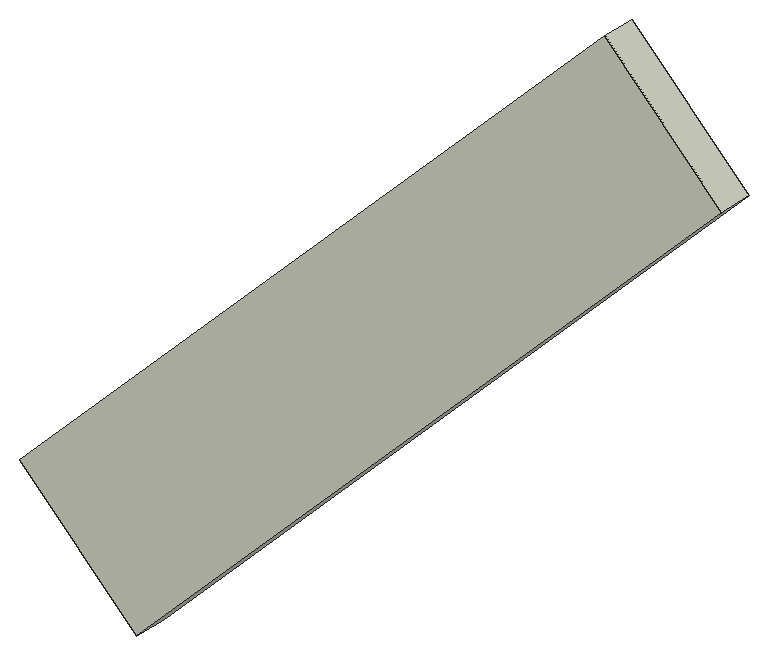
Revit family "グレーチング_角形鋼管(長方形) 1", category Generic Models, Revit 2020
Family settings
  Can host rebar = No
  Round Connector Dimension = Use Diameter
  Part Type = Normal
  Work Plane-Based = Yes
  Always vertical = No
  Cut with Voids When Loaded = No
  Shared = No
  Room Calculation Point = No
Parameters (values of type "100 x 20")
  高さ = 100 mm
  長辺 [instance] = 長さ  # 500 mm
  長さ [instance] = 500 mm
  部屋名 = ""
  角度 [instance] = 45.00°
  Default Elevation = 1219.2 mm
  構造マテリアル = E614_グレーチング
  幅 = 20 mm
Types (20, lengths in mm): name | 高さ | 幅
  50 x 20 | 50 | 20
  50 x 30 | 50 | 30
  60 x 30 | 60 | 30
  75 x 20 | 75 | 20
  75 x 45 | 75 | 45
  80 x 40 | 80 | 40
  90 x 40 | 90 | 40
  100 x 20 | 100 | 20
  100 x 40 | 100 | 40
  100 x 50 | 100 | 50
  125 x 40 | 125 | 40
  125 x 75 | 125 | 75
  150 x 100 | 150 | 100
  150 x 75 | 150 | 75
  150 x 80 | 150 | 80
  200 x 100 | 200 | 100
  200 x 150 | 200 | 150
  300 x 200 | 300 | 200
  350 x 150 | 350 | 150
  400 x 200 | 400 | 200
Reference planes
  plane 1 "中心(正面/背面)": y = 0
  plane 2: z = 0
  plane 3 "中心(左/右)": x = 0
Lines and regions (mm)
  reference lines
    curve 1: line (0, 0, 0) -> (848.528, 0, 848.528)
    curve 2: line (35.355, 0, -35.355) -> (-35.355, 0, 35.355)
    curve 3: line (388.909, 0, 318.198) -> (318.198, 0, 388.909)
Dimensions and locks
  equal spacing: curve 2, curve 1, curve 2
  "高さ": curve 2 to curve 2
  equal spacing: curve 3, curve 1, curve 3
  "高さ": curve 3 to curve 3
  "長さ": curve 2 to curve 3
  "角度": angle level to curve 1
  angle curve 2 to curve 1 = 90.00°
  angle curve 3 to curve 1 = 90.00°
  aligned and locked: level to plane 2
  aligned and locked: level to curve 1
  aligned and locked: plane 3 "中心(左/右)" to curve 1
  aligned and locked: nested 1 to curve 1
Nested families
  nested 1: "グレーチング_角形鋼管(長方形)" at (-35.355, 0, 35.355) x (0, 1, 0) z (0.7071, 0, -0.7071), 長さ <- "長さ", type "50 x 20"
    with 長辺 500 mm, 長さ 500 mm, 高さ 100 mm
Definition of nested family "グレーチング_角形鋼管(長方形)"
  Parameters (values of type "50 x 20")
    高さ = 50 mm
    長辺 [instance] = 長さ  # 1000 mm
    長さ [instance] = 1000 mm
    部屋名 = ""
    Default Elevation = 1219.2 mm
    構造マテリアル = none
    幅 = 20 mm
  Reference planes
    plane 1 "中心(正面/背面)": y = 0
    plane 2: z = 0
    plane 3 "中心(左/右)": x = 0
    plane 4: z = 25
    plane 5: z = 50
  Forms (mm)
    Extrusion 1, solid, material <- "構造マテリアル"
      sketch origin (0, 0, 0) x (1, 0, 0) y (0, 1, 0)
        loop
          line (-10, 1000) -> (-10, 0) -> (10, 0) -> (10, 1000) -> (-10, 1000)
      from 0 to 50
  Lines and regions (mm)
    reference lines
      curve 1: line (10, 1000, 0) -> (-10, 1000, 0)
      curve 2: line (10, 0, 0) -> (-10, 0, 0)
  Dimensions and locks
    "長さ": curve 1 to curve 2
    "幅": Extrusion 1 to Extrusion 1
    equal spacing: Extrusion 1, plane 3 "中心(左/右)", Extrusion 1
    "幅": curve 1 to curve 1
    equal spacing: curve 1, plane 3 "中心(左/右)", curve 1
    "幅": curve 2 to curve 2
    equal spacing: curve 2, plane 3 "中心(左/右)", curve 2
    equal spacing: plane 5, plane 4, level
    "高さ": plane 5 to level
    aligned and locked: level to plane 2
    aligned and locked: Extrusion 1 to curve 2
    aligned and locked: curve 1 to Extrusion 1
    aligned and locked: plane 5 to Extrusion 1
  Automatic sketch dimensions
    Extrusion 1 sketch curve to plane 3 "中心(左/右)" = 10 mm
    plane 3 "中心(左/右)" to Extrusion 1 sketch curve = 10 mm
    plane 1 "中心(正面/背面)" to Extrusion 1 sketch curve = 0 mm
    Extrusion 1 sketch curve to plane 1 "中心(正面/背面)" = 1000 mm
    plane 1 "中心(正面/背面)" to curve 2 = 0 mm
